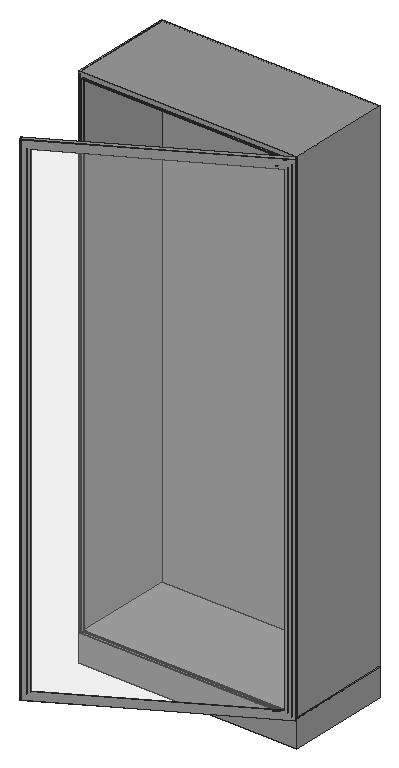
Revit family "Hager-Univers-IP55-D400-H1950-Cl.I-Steel_encl-NoHosted-CH-en", category Equipement électrique, Revit 2020
Family settings
  Configuration du panneau = Deux colonnes, circuits au sein
  Cote de connecteur circulaire = Utiliser le diamètre
  Type d'élément = Tableau de raccordement
  Basée sur le plan de construction = Oui
  Toujours verticalement = Oui
  Couper avec des vides une fois chargée = Non
  Partagée = Non
  Point de calcul de pièce = Non
Parameters (values of type "Floor installation IP55 W800 H1950 D400  - FR23V1")
  Width Control [instance] = if([EF000008 - Width] > Min Width, [EF000008 - Width], Min Width)  # 800 mm
  Commentaires du type = [HG000003 - Range]  # "Univers"
  Thickness Door [instance] = if([EF009171 - Material plate thickness door/cover] > 3 mm, 3 mm, [EF009171 - Material plate thickness door/cover])  # 1.5 mm
  Seal Frame Offset [instance] = 17 mm  # constant formula
  Plinth Visibility [instance] = [HG000027 - Plinth height] > 0 mm  # yes
  Min Width [instance] = 100 mm  # constant formula
  Min Depth [instance] = (2 * [EF009170 - Material plate thickness cabinet]) + 1 mm  # 4 mm
  Min Height [instance] = 100 mm  # constant formula
  Internal Frame Depth [instance] = (Door System Depth * 0.5)  # 9 mm
  Panel Name [instance] = ""  # (empty or 0)
  Model = ""
  HG000027 - Plinth height = 100 mm
  HG000026 - Floor standing = yes
  HG000024 - Bottom section height = 600 mm
  HG000023 - Double section enclosure = no
  HG000016 - Door 3d visibility [instance] = yes
  HG000015 - Clearance visibility [instance] = no
  HG000014 - Door on the right [instance] = yes
  HG000013 - Door on the left [instance] = not([HG000014 - Door on the right])  # no
  HG000012 - Door swing angle [instance] = 30.00°
  HG000010 - Asymmetric doors = no
  HG000009 - Double swing door = no
  HG000006 - Flush mounted = no
  HG000004 - Manufacturer reference = "FR23V1"
  HG000003 - Range = "Univers"
  HG000002 - With door or cover = yes
  Frame Offset Bottom [instance] = 10 mm  # constant formula
  Frame Offset [instance] = 15 mm  # constant formula
  EF015940 - Cover with overpressure release = no
  EF011959 - Degree of protection (NEMA) = ""
  EF009554 - Number of openings for flange plates = 6
  EF009212 - Cover model = "EV000116 - Closed"
  EF009171 - Material plate thickness door/cover = 1.5 mm
  EF009170 - Material plate thickness cabinet = 1.5 mm
  EF008873 - Nominal current (In) = 800 A
  EF007800 - Suitable for lightning protection = no
  EF006306 - With lock = no
  EF006244 - Transparent cover/door = yes
  EF005474 - Degree of protection (IP) = "EV006420 - IP55"
  EF004464 - Type of door = "EV002646 - Single"
  EF004427 - Number of modules = 432
  EF004293 - Impact strength = "EV008784 - IK10"
  EF003532 - Suitable for outdoor use = no
  EF002950 - Width in number of modular spacings = 24
  EF001613 - Circuit integrity = "EV000494 - None"
  EF001596 - Material housing = "EV000179 - Steel"
  EF001131 - Internal depth = 400 mm
  EF001088 - Extension possible = yes
  EF000437 - Number of conduit inlets = 6
  EF000339 - Type of cover = "EV004216 - Door"
  EF000266 - Number of rows = 12
  EF000218 - Built-in depth = 0 mm
  EF000118 - With mounting plate = no
  EF000116 - RAL-number = "7035"
  EF000049 - Depth = 400 mm
  EF000040 - Height = 1950 mm
  EF000008 - Width = 800 mm
  EF000007 - Colour = "EV000270 - Grey"
  EF000003 - Mounting method = "EV012274 - Floor installation"
  Door System Leaf Tolerance [instance] = 1.5 mm  # constant formula
  Door System Depth [instance] = 18 mm  # constant formula
  Door Height [instance] = Height Control - [HG000027 - Plinth height]  # 1850 mm
  Description = ""
  Default Elevation = 1219.2 mm
  Connector Offset [instance] = Height Control / 2  # 975 mm
  Fabricant = "Hager"  # constant formula
  Height Control [instance] = if([EF000040 - Height] > Min Height, [EF000040 - Height], Min Height)  # 1950 mm
  Depth Control [instance] = if([EF000049 - Depth] > Min Depth, [EF000049 - Depth], Min Depth)  # 400 mm
  Bottom Top Plate Trim [instance] = 1.5 mm  # constant formula
  Plinth height Ctrl [instance] = if([HG000027 - Plinth height] > 0 mm, [HG000027 - Plinth height], 12 mm)  # 100 mm
Types (11, lengths in mm): name | Width Control | HG000010 - Asymmetric doors | HG000009 - Double swing door | HG000004 - Manufacturer reference | EF009554 - Number of openings for flange plates | EF006244 - Transparent cover/door | EF004464 - Type of door | EF004427 - Number of modules | EF000437 - Number of conduit inlets | EF000008 - Width
  Floor installation IP55 W1050 H1950 D400  - FR24G1 | 1050 | yes | yes | "FR24G1" | 8 | no | "EV003602 - Double" | 576 | 8 | 1050
  Floor installation IP55 W1050 H1950 D400  - FR24V1 | 1050 | yes | yes | "FR24V1" | 8 | yes | "EV003602 - Double" | 576 | 8 | 1050
  Floor installation IP55 W1300 H1950 D400  - FR25G1 | 1300 | yes | yes | "FR25G1" | 10 | no | "EV003602 - Double" | 720 | 10 | 1300
  Floor installation IP55 W1300 H1950 D400  - FR25V1 | 1300 | yes | yes | "FR25V1" | 10 | yes | "EV003602 - Double" | 720 | 10 | 1300
  Floor installation IP55 W1550 H1950 D400  - FR26G1 | 1550 | yes | yes | "FR26G1" | 12 | no | "EV003602 - Double" | 864 | 12 | 1550
  Floor installation IP55 W1550 H1950 D400  - FR26V1 | 1550 | yes | yes | "FR26V1" | 12 | yes | "EV003602 - Double" | 864 | 12 | 1550
  Floor installation IP55 W300 H1950 D400  - FR21G1 | 300 | no | no | "FR21G1" | 2 | no | "EV002646 - Single" | 144 | 2 | 300
  Floor installation IP55 W550 H1950 D400  - FR22G1 | 550 | no | no | "FR22G1" | 4 | no | "EV002646 - Single" | 288 | 4 | 550
  Floor installation IP55 W550 H1950 D400  - FR22V1 | 550 | no | no | "FR22V1" | 4 | yes | "EV002646 - Single" | 288 | 4 | 550
  Floor installation IP55 W800 H1950 D400  - FR23G1 | 800 | no | no | "FR23G1" | 6 | no | "EV002646 - Single" | 432 | 6 | 800
  Floor installation IP55 W800 H1950 D400  - FR23V1 | 800 | no | no | "FR23V1" | 6 | yes | "EV002646 - Single" | 432 | 6 | 800
Reference planes
  plane 1 "Center (Front/Back)": y = 0
  plane 2: z = 0
  plane 3 "Center (Left/Right)": x = 0
  plane 4: y = 0
  plane 5: y = 0
  plane 6: z = 0
  plane 7: x = -400
  plane 8: x = 400
  plane 9: x = 398.5
  plane 10: x = -398.5
  plane 11: z = 100
  plane 12: z = 101.5
  plane 13: y = -400
  plane 14: y = -1.5
  plane 15: x = 0
  plane 16: y = -382
  plane 17: y = -398.5
  plane 18: y = -380.5
  plane 19: x = -383.5
  plane 20: x = 383.5
  plane 21: z = 111.5
  plane 22: x = -383
  plane 23: x = 383
  plane 24: z = 100
  plane 25: z = 1950
  plane 26: z = 1950
  plane 27: z = 1933.5
  plane 28: z = 1948.5
Forms (mm)
  Extrusion 1, solid, material "Hager_Steel_RAL7035_Light_Grey", detail levels medium+fine
    sketch origin (-208.679, -4572, 100) x (-1, 0, 0) y (0, -1, 0)
      loop
        line (191.321, -4190) -> (-608.679, -4190) -> (-608.679, -4572) -> (191.321, -4572) -> (191.321, -4190)
    from 0 to 1850
  Extrusion 2, void
    sketch origin (-350.771, -400, 1219.2) x (1, 0, 0) y (0, 0, 1)
      loop
        line (-47.729, 729.3) -> (-47.729, -1117.7) -> (749.271, -1117.7) -> (749.271, 729.3) -> (-47.729, 729.3)
    from -19.5 to -398.5
  Extrusion 3, void
    sketch origin (-290.084, -382, 1219.2) x (1, 0, 0) y (0, 0, 1)
      loop
        line (-93.416, -1107.7) -> (673.584, -1107.7) -> (673.584, 714.3) -> (-93.416, 714.3) -> (-93.416, -1107.7)
    from 0 to -1.5
  Extrusion 4, solid, material "Hager_Steel_RAL7035_Light_Grey", visible <- "Plinth Visibility", detail levels medium+fine
    sketch origin (0, 0, 0) x (1, 0, 0) y (0, 1, 0)
      loop
        line (-400, 0) -> (-400, -382) -> (400, -382) -> (400, 0) -> (-400, 0)
    from 0 to 100 <- "Plinth height Ctrl"
  Extrusion 5, solid, material "Hager_Steel_RAL7035_Light_Grey", detail levels coarse
    sketch origin (0, 0, 0) x (1, 0, 0) y (0, 1, 0)
      loop
        line (-400, 0) -> (-400, -400) -> (400, -400) -> (400, 0) -> (-400, 0)
    from 0 to 1950 <- "Height Control"
  Sweep 6, void
    path in 3D
      loop
        line (-400, -382, 100) -> (400, -382, 100) -> (400, 0, 100) -> (-400, 0, 100) -> (-400, -382, 100)
    profile origin (-400, -191, 100) x (1, 0, 0) y (0, 0, 1)
      loop
        line (0, 0) -> (0, -1.5) -> (1.5, -1.5)
        arc (1.5, -1.5) -> (1.061, -0.439) -> (0, 0) r 1.5
  Extrusion 7, solid, material "Hager_Steel_RAL7035_Light_Grey", detail levels fine
    sketch origin (-400, -382, 100) x (1, 0, 0) y (0, 0, 1)
      loop
        line (16.5, 11.5) -> (783.5, 11.5) -> (783.5, 1833.5) -> (16.5, 1833.5) -> (16.5, 11.5)
      loop
        line (15, 10) -> (785, 10) -> (785, 1835) -> (15, 1835) -> (15, 10)
    from 0 to 9 <- "Internal Frame Depth"
Cuts and joins
  Extrusion 2, Extrusion 3 cuts Extrusion 1
  Sweep 6 cuts Extrusion 4
Lines and regions (mm)
  Masking region 1
    outline origin (0, 0, 0) x (1, 0, 0) y (0, 1, 0)
      loop
        line (-400, 0) -> (-400, -400) -> (400, -400) -> (400, 0) -> (-400, 0)
  Masking region 2, detail levels coarse
    outline origin (-290.084, -382, 1219.2) x (-1, 0, 0) y (0, 0, 1)
      loop
        line (-690.084, -1219.2) -> (109.916, -1219.2) -> (109.916, 730.8) -> (-690.084, 730.8) -> (-690.084, -1219.2)
  Masking region 3, detail levels coarse
    outline origin (0, 0, 0) x (0, 1, 0) y (0, 0, 1)
      loop
        line (0, 0) -> (0, 1950) -> (-400, 1950) -> (-400, 0) -> (0, 0)
  Masking region 4, visible <- "Plinth Visibility", detail levels medium+fine
    outline origin (0, 0, 0) x (0, 1, 0) y (0, 0, 1)
      loop
        line (-1.5, 100) -> (-380.5, 100)
        arc (-380.5, 100) -> (-380.939, 98.939) -> (-382, 98.5) r 1.5
        line (-382, 98.5) -> (-382, 0) -> (0, 0) -> (0, 98.5)
        arc (0, 98.5) -> (-1.061, 98.939) -> (-1.5, 100) r 1.5
  Masking region 5, detail levels medium+fine
    outline origin (0, 0, 594.038) x (0, 1, 0) y (0, 0, 1)
      loop
        line (0, -494.038) -> (0, 1355.962) -> (-382, 1355.962) -> (-382, -494.038) -> (0, -494.038)
  Masking region 6, detail levels medium+fine
    outline origin (-359.7, -382, 1211.883) x (-1, 0, 0) y (0, 0, 1)
      loop
        line (-759.7, -1111.883) -> (40.3, -1111.883) -> (40.3, 738.117) -> (-759.7, 738.117) -> (-759.7, -1111.883)
  Masking region 7, visible <- "Plinth Visibility", detail levels medium+fine
    outline origin (-320.334, -382, 1041.368) x (-1, 0, 0) y (0, 0, 1)
      loop
        line (-720.334, -1041.368) -> (79.666, -1041.368) -> (79.666, -942.868)
        arc (79.666, -942.868) -> (78.606, -942.429) -> (78.166, -941.368) r 1.5
        line (78.166, -941.368) -> (-718.834, -941.368)
        arc (-718.834, -941.368) -> (-719.273, -942.429) -> (-720.334, -942.868) r 1.5
        line (-720.334, -942.868) -> (-720.334, -1041.368)
  sketch lines
    curve 1: line (-400, 0, 100) -> (-400, -382, 100)
    curve 2: line (-400, -382, 100) -> (400, -382, 100)
    curve 3: line (400, 0, 100) -> (-400, 0, 100)
    curve 4: line (400, -382, 100) -> (400, 0, 100)
Dimensions and locks
  locked: plane 1 "Center (Front/Back)" to plane 5
  "EF009170 - Material plate thickness cabinet": plane 7 to plane 10
  "EF009170 - Material plate thickness cabinet": plane 8 to plane 9
  equal spacing: plane 7, plane 3 "Center (Left/Right)", plane 8
  "Width Control": plane 7 to plane 8
  "Depth Control": plane 4 to plane 13
  "EF009170 - Material plate thickness cabinet": plane 4 to plane 14
  "Height Control": plane 25 to level
  "HG000027 - Plinth height": plane 11 to level
  "EF009170 - Material plate thickness cabinet": plane 12 to plane 11
  "EF009170 - Material plate thickness cabinet": plane 17 to plane 13
  "EF009170 - Material plate thickness cabinet": plane 18 to plane 16
  "Frame Offset Bottom": plane 21 to plane 12
  "Frame Offset": plane 10 to plane 19
  "Frame Offset": plane 9 to plane 20
  "Door System Depth": plane 16 to plane 13
  "Seal Frame Offset": plane 7 to plane 22
  "Seal Frame Offset": plane 8 to plane 23
  "EF009170 - Material plate thickness cabinet": plane 26 to plane 28
  "Frame Offset": plane 28 to plane 27
  "Connector Offset": plane 2 to connector elem
  "Bottom Top Plate Trim": profile plane to Sweep 6 sketch curve
  "Bottom Top Plate Trim": Sweep 6 sketch curve to Sweep 6 sketch curve
  "Plinth height Ctrl": Masking region 4 sketch curve to level
  "Plinth height Ctrl": Masking region 7 sketch curve to level
  "Thickness Door": Extrusion 7 sketch curve to Extrusion 7 sketch curve  (x4)
  "Bottom Top Plate Trim": radius of Sweep 6 sketch curve
  "Bottom Top Plate Trim": radius of Masking region 4 sketch curve  (x2)
  "Bottom Top Plate Trim": radius of Masking region 7 sketch curve  (x2)
  aligned and locked: Extrusion 2 sketch curve to plane 12
  aligned and locked: Extrusion 2 sketch curve to plane 9
  aligned and locked: Extrusion 2 sketch curve to plane 10
  aligned and locked: Extrusion 2 to plane 14
  aligned and locked: Extrusion 1 sketch curve to plane 4
  aligned and locked: plane 8 to Extrusion 1 sketch curve
  aligned and locked: plane 7 to Extrusion 1 sketch curve
  aligned and locked: Extrusion 2 to plane 18
  aligned and locked: Extrusion 3 sketch curve to plane 19
  aligned and locked: plane 20 to Extrusion 3 sketch curve
  aligned and locked: Extrusion 3 to Extrusion 2
  aligned and locked: Extrusion 3 sketch curve to plane 21
  aligned and locked: plane 3 "Center (Left/Right)" to nested 1
  aligned and locked: Extrusion 1 sketch curve to plane 16
  aligned and locked: Extrusion 4 sketch curve to cut or joined group of Extrusion 1, Extrusion 2, Extrusion 3
  aligned and locked: Masking region 1 sketch curve to plane 7
  aligned and locked: Masking region 1 sketch curve to plane 5
  aligned and locked: Masking region 1 sketch curve to plane 8
  aligned and locked: Masking region 2 sketch curve to level
  aligned and locked: level to Masking region 3 sketch curve
  aligned and locked: plane 1 "Center (Front/Back)" to Masking region 3 sketch curve
  aligned and locked: plane 13 to Masking region 3 sketch curve
  aligned and locked: plane 5 to Masking region 4 sketch curve
  aligned and locked: Masking region 2 sketch curve to plane 8
  aligned and locked: Masking region 2 sketch curve to plane 7
  aligned and locked: plane 7 to nested 2
  aligned and locked: nested 2 to plane 5
  aligned and locked: plane 5 to Masking region 5 sketch curve
  aligned and locked: plane 26 to Masking region 5 sketch curve
  aligned and locked: Extrusion 5 sketch curve to plane 8
  aligned and locked: Extrusion 5 sketch curve to plane 7
  aligned and locked: Extrusion 5 sketch curve to plane 5
  aligned and locked: Extrusion 3 sketch curve to plane 27
  aligned and locked: Extrusion 2 sketch curve to plane 28
  aligned and locked: Masking region 2 to plane 25
  aligned and locked: Extrusion 4 to plane 16
  aligned and locked: profile plane to Sweep 6 sketch curve
  aligned and locked: Masking region 5 sketch curve to plane 24
  aligned and locked: level to Masking region 4 sketch curve
  aligned and locked: Masking region 1 to plane 13
  aligned and locked: nested 1 to plane 16
  aligned and locked: Masking region 3 to plane 25
  aligned and locked: plane 16 to Masking region 4 sketch curve
  aligned and locked: Masking region 5 sketch curve to plane 16
  aligned and locked: plane 24 to plane 11
  aligned and locked: plane 26 to plane 25
  aligned and locked: plane 26 to cut or joined group of Extrusion 1, Extrusion 2, Extrusion 3
  aligned and locked: nested 1 to plane 24
  aligned and locked: Extrusion 1 to Extrusion 3
  aligned and locked: Masking region 6 sketch curve to plane 8
  aligned and locked: Masking region 6 sketch curve to plane 24
  aligned and locked: Masking region 6 sketch curve to plane 7
  aligned and locked: Masking region 6 sketch curve to plane 26
  aligned and locked: Masking region 7 sketch curve to plane 7
  aligned and locked: level to Masking region 7 sketch curve
  aligned and locked: Masking region 7 sketch curve to plane 8
  aligned and locked: Extrusion 7 sketch curve to cut or joined group of Extrusion 1, Extrusion 2, Extrusion 3  (x4)
Automatic sketch dimensions
  plane 19 to Extrusion 3 sketch curve = 0 mm
  Extrusion 3 sketch curve to plane 20 = 0 mm
  Extrusion 3 sketch curve to plane 21 = 0 mm
  Extrusion 4 sketch curve to plane 7 = 0 mm
  Extrusion 4 sketch curve to plane 8 = 0 mm
  Extrusion 4 sketch curve to plane 16 = 0 mm
  Masking region 1 sketch curve to plane 13 = 0 mm
  Masking region 2 sketch curve to plane 25 = 0 mm
  Masking region 3 sketch curve to plane 25 = 0 mm
  Extrusion 5 sketch curve to plane 13 = 0 mm
  profile plane to Sweep 6 sketch curve = 0 mm
Nested families
  nested 1: "EC000058_Univers_Door" at (0, -382, 100), Double <- "HG000009 - Double swing door", Transparent <- "EF006244 - Transparent cover/door", Angle <- "HG000012 - Door swing angle", Door_Right <- "HG000014 - Door on the right", Assymetrical <- "HG000010 - Asymmetric doors", Door <- "HG000002 - With door or cover", Width_Ctrl <- "Width Control", 3d_Door <- "HG000016 - Door 3d visibility", Clearance <- "HG000015 - Clearance visibility", Door_Left <- "HG000013 - Door on the left", Width <- "Width Control", Door_Depth <- "Door System Depth", Leaf_Tolerance <- "Door System Leaf Tolerance", Height <- "Door Height", Lock_Visibility <- "EF006306 - With lock", Thickness <- "Thickness Door", type "EC000058_Univers_Door", detail levels medium+fine
    with min_wh 4 mm, Width_Ctrl 800 mm, Width 800 mm, Transparent yes, Thickness 1.5 mm, Seal_Material Hager_Rubber, Lock_Visibility no, Lock_Material Hager_Plastic_RAL9005_Jet_Black, Leaf_Width 800 mm, Leaf_Tolerance_External_Sides 0 mm, Leaf_Tolerance 1.5 mm, Leaf_Offset 0 mm, Leaf_Height 1847 mm, Leaf_2_Width 800 mm, Leaf_2_Offset 400 mm, Leaf_1_Width 800 mm, Leaf_1_Offset 400 mm, Height_Ctrl 1850 mm, Height 1850 mm, Glass_Material Hager_Glass, Double_Clearance_Ctrl no, Double no, Door_Right_Ctrl yes, Door_Right yes, Door_Material Hager_Steel_RAL7035_Light_Grey, Door_Left_Ctrl no, Door_Left no, Door_Depth 18 mm, Door yes, Clearance_Material Hager_Clearance, Clearance_Depth 800 mm, Clearance_Ctrl no, Clearance no, Assymetrical no, Angle 30.00°, 3d_Door yes
  nested 2: "Hager_Enclosure_Symbol" at (-400, 0, 0), Height <- "Depth Control", Width <- "Width Control", type "Hager_Enclosure_Symbol"
    with Width_Ctrl 800 mm, Width 800 mm, Height_Ctrl 400 mm, Height 400 mm, A_Width_Int 26.25 mm, A_Width 315 mm, A_Height_Ctrl 350 mm, A_Height 350 mm
Connectors
  electrical at (0, 0, 975)
    settings: on plane 1 "Center (Front/Back)", index 1, voltage 0 V, apparent load 0 VA, apparent load phase1 0 VA, apparent load phase2 0 VA, apparent load phase3 0 VA, power factor 1, load classification "Other", number of poles 1, system type 30, power factor state 1, is connector primary yes, connector utility no, sub classification motor no, connector description ""
Definition of nested family "EC000058_Univers_Door"
  Parameters (values of type "EC000058_Univers_Door")
    min_wh [instance] = (2 * Thickness) + 1 mm  # 11 mm
    Width_Ctrl [instance] = 400 mm
    Width [instance] = 500 mm
    Transparent [instance] = yes
    Thickness [instance] = 5 mm
    Seal_Material [instance] = none
    Lock_Visibility [instance] = yes
    Lock_Material [instance] = none
    Leaf_Width [instance] = if((Width_Ctrl - 2 * Leaf_Tolerance_External_Sides) > 0 mm, (Width_Ctrl - 2 * Leaf_Tolerance_External_Sides), min_wh)  # 400 mm
    Leaf_Tolerance_External_Sides [instance] = 0 mm  # constant formula
    Leaf_Tolerance [instance] = 1.5 mm
    Leaf_Offset [instance] = 0 mm  # constant formula
    Leaf_Height [instance] = if((Height_Ctrl - 2 * Leaf_Tolerance) > 0 mm, (Height_Ctrl - 2 * Leaf_Tolerance), min_wh)  # 497 mm
    Leaf_2_Width [instance] = if(and(and(Double, Assymetrical), Door_Left), (Leaf_Width / 3) - (Leaf_Tolerance / 2), if(and(and(Double, Assymetrical), Door_Right), (Leaf_Width / 3) * 2 - (Leaf_Tolerance / 2), if(and(Double, not(Assymetrical)), (Leaf_Width / 2) - Leaf_Tolerance, Leaf_Width)))  # 400 mm
    Leaf_2_Offset [instance] = if(and(Double, Assymetrical), Leaf_2_Width / 2, if(and(Double, not(Assymetrical)), Leaf_Width / 4, Leaf_Width / 2))  # 200 mm
    Leaf_1_Width [instance] = if(and(and(Double, Assymetrical), Door_Right), (Leaf_Width / 3) - (Leaf_Tolerance / 2), if(and(and(Double, Assymetrical), Door_Left), (Width / 3) * 2 - (Leaf_Tolerance / 2), if(and(Double, not(Assymetrical)), (Leaf_Width / 2) - Leaf_Tolerance, Leaf_Width)))  # 400 mm
    Leaf_1_Offset [instance] = if(and(Double, Assymetrical), Leaf_1_Width / 2, if(and(Double, not(Assymetrical)), Leaf_Width / 4, Leaf_Width / 2))  # 200 mm
    Height_Ctrl [instance] = if(Height > min_wh, Height, min_wh)  # 500 mm
    Height [instance] = 500 mm
    Glass_Material [instance] = none
    Double_Clearance_Ctrl [instance] = and(Double, Clearance)  # no
    Double [instance] = no
    Door_Right_Ctrl [instance] = and(or(Door_Right, Double), Door)  # yes
    Door_Right [instance] = yes
    Door_Material [instance] = none
    Door_Left_Ctrl [instance] = and(or(Door_Left, Double), Door)  # no
    Door_Left [instance] = no
    Door_Depth [instance] = 30 mm
    Door [instance] = yes
    Default Elevation = 1219.2 mm
    Clearance_Material [instance] = none
    Clearance_Depth [instance] = if(Leaf_1_Width > Leaf_2_Width, Leaf_1_Width, Leaf_2_Width)  # 400 mm
    Clearance_Ctrl [instance] = and(not(Double), Clearance)  # yes
    Clearance [instance] = yes
    Assymetrical [instance] = yes
    Angle [instance] = 30.00°
    3d_Door [instance] = yes
  Reference planes
    plane 1 "Center (Front/Back)": y = 0
    plane 2 "Bottom": z = 0
    plane 3 "Center (Left/Right)": x = 0
    plane 4: z = 500
    plane 5: x = -200
    plane 6: x = 200
    plane 7: z = 500
    plane 8: x = -200
    plane 9: z = 0
    plane 10: x = 200
    plane 11: y = 0
    plane 12: z = 1.5
    plane 13: x = -600
    plane 14: y = -400
    plane 15: x = 600
    plane 16: x = 0
    plane 17: x = 0
    plane 18: x = -200
    plane 19: x = 200
    plane 20: z = 498.5
  Forms (mm)
    Extrusion 1, solid, material <- "Clearance_Material", visible <- "Double_Clearance_Ctrl"
      sketch origin (1200, 0, 0) x (1, 0, 0) y (0, 0, -1)
        loop
          line (-1800, -498.5) -> (-600, -498.5) -> (-600, 0) -> (-1800, 0) -> (-1800, -498.5)
      from 0 to -400
  Dimensions and locks
    equal spacing: plane 5, plane 3 "Center (Left/Right)", plane 6
    "Width_Ctrl": plane 5 to plane 6
    "Leaf_Offset": plane 5 to plane 8
    "Leaf_Offset": plane 6 to plane 10
    "Leaf_Offset": plane 9 to level
    "Leaf_Offset": plane 4 to plane 7
    "Height_Ctrl": plane 4 to level
    "Leaf_Tolerance": plane 12 to plane 9
    locked: plane 11 to plane 1 "Center (Front/Back)"
    "Leaf_1_Offset": plane 18 to plane 16
    "Leaf_2_Offset": plane 17 to plane 19
    "Leaf_1_Width": plane 13 to plane 8
    "Leaf_2_Width": plane 10 to plane 15
    "Clearance_Depth": plane 14 to plane 1 "Center (Front/Back)"
    "Leaf_Tolerance_External_Sides": plane 8 to plane 18
    "Leaf_Tolerance_External_Sides": plane 19 to plane 10
    "Leaf_Tolerance": plane 7 to plane 20
    aligned and locked: level to plane 2 "Bottom"
    aligned and locked: nested 1 to plane 16
    aligned and locked: nested 2 to plane 17
    aligned and locked: Extrusion 1 to plane 13
    aligned and locked: plane 15 to Extrusion 1
    aligned and locked: Extrusion 1 to plane 14
    aligned and locked: plane 12 to nested 1
    aligned and locked: nested 2 to plane 12
    aligned and locked: Extrusion 1 to plane 11
    aligned and locked: plane 20 to Extrusion 1
    aligned and locked: nested 2 to plane 11
    aligned and locked: nested 1 to plane 11
  Automatic sketch dimensions
    Extrusion 1 sketch curve to level = 0 mm
    plane 5 to Extrusion 1 sketch curve = 400 mm
    plane 6 to Extrusion 1 sketch curve = 400 mm
    Extrusion 1 sketch curve to plane 4 = 1.5 mm
  Nested families
    nested 1: "EC000058_Univers_Door_Leaf" at (0, 0, 1.5), Width <- "Leaf_1_Width", visible <- "Door_Left_Ctrl", Leaf_Height <- "Leaf_Height", Angle <- "Angle", 3d_Door <- "3d_Door", Transparent <- "Transparent", Clearance Material <- "Clearance_Material", Clearance <- "Clearance_Ctrl", Door_Material <- "Door_Material", Glass_Material <- "Glass_Material", Door_Depth <- "Door_Depth", Lock_Material <- "Lock_Material", Seal_Material <- "Seal_Material", Lock_Visibility <- "Lock_Visibility", Thickness <- "Thickness", type "EC000058_Univers_Door_Leaf"
      with Width 400 mm, Transparent_Glass_Offset 30 mm, Transparent_Ctrl yes, Transparent yes, Thickness 5 mm, Standard no, Seal_Material none, Seal_D2 8 mm, Seal_D1 1 mm, Offset_Internal_Frame 10 mm, Lock_Width 20 mm, Lock_Visibility_3d yes, Lock_Visibility yes, Lock_Thickness_3 3 mm, Lock_Thickness_2 1 mm, Lock_Thickness_1 3 mm, Lock_Radius_Offset_2 16 mm, Lock_Radius_Offset_1 15 mm, Lock_Radius_2 5 mm, Lock_Radius 6 mm, Lock_Offset 5 mm, Lock_Material none, Lock_Height 80 mm, Lock_Cover_Top_Offset_2d 17 mm, Lock_Cover_Height -65 mm, Leaf_Height 497 mm, Internal_Seal_Thickness 8 mm, Internal_Seal_Depth_2 4.5 mm, Internal_Frame_Depth 25 mm, Glass_Thickness -1 mm, Glass_Offset -2 mm, Glass_Material none, Door_Material none, Door_Depth 30 mm, Clearance Material none, Clearance yes, Angle_Ctrl 30.00°, Angle 30.00°, 3d_Door yes
    nested 2: "EC000058_Univers_Door_Leaf" at (0, 0, 1.5) x (-1, 0, 0) z (0, 0, 1), Width <- "Leaf_2_Width", visible <- "Door_Right_Ctrl", Leaf_Height <- "Leaf_Height", Angle <- "Angle", 3d_Door <- "3d_Door", Transparent <- "Transparent", Clearance Material <- "Clearance_Material", Clearance <- "Clearance_Ctrl", Door_Material <- "Door_Material", Glass_Material <- "Glass_Material", Door_Depth <- "Door_Depth", Lock_Material <- "Lock_Material", Seal_Material <- "Seal_Material", Lock_Visibility <- "Lock_Visibility", Thickness <- "Thickness", type "EC000058_Univers_Door_Leaf"
      with Width 400 mm, Transparent_Glass_Offset 30 mm, Transparent_Ctrl yes, Transparent yes, Thickness 5 mm, Standard no, Seal_Material none, Seal_D2 8 mm, Seal_D1 1 mm, Offset_Internal_Frame 10 mm, Lock_Width 20 mm, Lock_Visibility_3d yes, Lock_Visibility yes, Lock_Thickness_3 3 mm, Lock_Thickness_2 1 mm, Lock_Thickness_1 3 mm, Lock_Radius_Offset_2 16 mm, Lock_Radius_Offset_1 15 mm, Lock_Radius_2 5 mm, Lock_Radius 6 mm, Lock_Offset 5 mm, Lock_Material none, Lock_Height 80 mm, Lock_Cover_Top_Offset_2d 17 mm, Lock_Cover_Height -65 mm, Leaf_Height 497 mm, Internal_Seal_Thickness 8 mm, Internal_Seal_Depth_2 4.5 mm, Internal_Frame_Depth 25 mm, Glass_Thickness -1 mm, Glass_Offset -2 mm, Glass_Material none, Door_Material none, Door_Depth 30 mm, Clearance Material none, Clearance yes, Angle_Ctrl 30.00°, Angle 30.00°, 3d_Door yes
  Definition of nested family "EC000058_Univers_Door_Leaf"
    Parameters (values of type "EC000058_Univers_Door_Leaf")
      Width [instance] = 2000 mm
      Transparent_Glass_Offset [instance] = 30 mm
      Transparent_Ctrl [instance] = and(Transparent, [3d_Door])  # yes
      Transparent [instance] = yes
      Thickness [instance] = 5 mm
      Standard [instance] = and(not(Transparent), [3d_Door])  # no
      Seal_Material [instance] = none
      Seal_D2 [instance] = 8 mm  # constant formula
      Seal_D1 [instance] = 1 mm  # constant formula
      Offset_Internal_Frame [instance] = 10 mm  # constant formula
      Lock_Width [instance] = 20 mm  # constant formula
      Lock_Visibility_3d [instance] = and(Lock_Visibility, [3d_Door])  # yes
      Lock_Visibility [instance] = yes
      Lock_Thickness_3 [instance] = 3 mm  # constant formula
      Lock_Thickness_2 [instance] = 1 mm  # constant formula
      Lock_Thickness_1 [instance] = 3 mm  # constant formula
      Lock_Radius_Offset_2 [instance] = Lock_Radius_Offset_1 + 1 mm  # 16 mm
      Lock_Radius_Offset_1 [instance] = 15 mm  # constant formula
      Lock_Radius_2 [instance] = Lock_Radius - 1 mm  # 5 mm
      Lock_Radius [instance] = 6 mm  # constant formula
      Lock_Offset [instance] = 5 mm  # constant formula
      Lock_Material [instance] = none
      Lock_Height [instance] = 80 mm  # constant formula
      Lock_Cover_Top_Offset_2d [instance] = Lock_Radius_Offset_2 + 1 mm  # 17 mm
      Lock_Cover_Height [instance] = -(Lock_Height - Lock_Radius_Offset_1)  # -65 mm
      Leaf_Height [instance] = 2720.336 mm
      Internal_Seal_Thickness [instance] = 8 mm  # constant formula
      Internal_Seal_Depth_2 [instance] = 4.5 mm  # constant formula
      Internal_Frame_Depth [instance] = if(Door_Depth - Thickness > 5 mm, Door_Depth - Thickness, 5 mm)  # 25 mm
      Glass_Thickness [instance] = if(Thickness > 15 mm, Glass_Offset + 10 mm, -1 mm)  # -1 mm
      Glass_Offset [instance] = if(Thickness > 15 mm, -(Thickness + 10 mm) / 2, -2 mm)  # -2 mm
      Glass_Material [instance] = none
      Door_Material [instance] = none
      Door_Depth [instance] = 30 mm
      Default Elevation = 0 mm
      Clearance Material [instance] = none
      Clearance [instance] = yes
      Angle_Ctrl [instance] = if(Angle > 180.00°, 180.00°, Angle)  # 90.00°
      Angle [instance] = 90.00°
      3d_Door [instance] = yes
    Reference planes
      plane 1 "Center (Front/Back)": y = 0
      plane 2: z = 0
      plane 3 "Center (Left/Right)": x = 0
      plane 4: y = 2000
      plane 5: x = -1000
      plane 6: x = 1000
      plane 7: x = -3000
      plane 8: z = 2720.336
      plane 9: z = 30
      plane 10: z = 2690.336
      plane 11: x = 970
      plane 12: x = -970
      plane 13: y = -3
      plane 14: z = 107.833
      plane 15: y = -5
      plane 16: y = -223.314
      plane 17: x = -1000
      plane 18: z = 1360.168
      plane 19: y = 30
    Forms (mm)
      Extrusion 1, solid, material <- "Clearance Material", visible <- "Clearance"
        sketch origin (0, 0, 0) x (1, 0, 0) y (0, 0, 1)
          loop
            line (-3000, 2720.336) -> (-3000, 0) -> (1000, 0) -> (1000, 2720.336) -> (-3000, 2720.336)
        from 0 to -2000
      Extrusion 2, solid, material <- "Door_Material", visible <- "Standard", detail levels medium+fine
        sketch origin (-1000, 0, 0) x (0, 1, 0) y (-1, 0, 0)
          loop
            line (0, 30) -> (0, 25) -> (2000, 25) -> (2000, 30) -> (0, 30)
        from 0 to 2720.336 <- "Leaf_Height"
      Extrusion 3, solid, material <- "Door_Material", visible <- "Transparent_Ctrl", detail levels medium+fine
        sketch origin (-1000, 0, 0) x (0, 1, 0) y (-1, 0, 0)
          loop
            line (0, 25) -> (2000, 25) -> (2000, 30) -> (0, 30) -> (0, 25)
        from 0 to 2720.336 <- "Leaf_Height"
      Extrusion 4, void
        sketch origin (-1025, 2000, 0) x (0, 1, 0) y (0, 0, -1)
          loop
            line (-30, -2690.336) -> (-30, -30) -> (-1970, -30) -> (-1970, -2690.336) -> (-30, -2690.336)
        from 0 to 5 <- "Thickness"
      Sweep 5, solid, material <- "Seal_Material", visible <- "Transparent_Ctrl", detail levels fine
        path in 3D
          loop
            line (-1025, 30, 30) -> (-1025, 30, 2690.336) -> (-1025, 1970, 2690.336) -> (-1025, 1970, 30) -> (-1025, 30, 30)
        profile origin (-1025, 1000, 30) x (1, 0, 0) y (0, 0, 1)
          loop
            line (0, 0) -> (0, -8) -> (1, -8) -> (1, 0) -> (0, 0)
      Extrusion 6, solid, material <- "Glass_Material", visible <- "Transparent_Ctrl", detail levels medium+fine
        sketch origin (-1030, 0, 0) x (0, 1, 0) y (0, 0, -1)
          loop
            line (1970, -2690.336) -> (1970, -30) -> (30, -30) -> (30, -2690.336) -> (1970, -2690.336)
        from -2 <- "Glass_Offset" to -1 <- "Glass_Thickness"
      Extrusion 7, solid, material <- "Door_Material", visible <- "3d_Door", detail levels medium+fine
        sketch origin (-1025, 2000, 0) x (0, -1, 0) y (0, 0, -1)
          loop
            line (0, -2720.336) -> (2000, -2720.336) -> (2000, 0) -> (0, 0) -> (0, -2720.336)
          loop
            line (1995, -5) -> (5, -5) -> (5, -2715.336) -> (1995, -2715.336) -> (1995, -5)
        from 0 to 25 <- "Internal_Frame_Depth"
      Sweep 8, solid, material <- "Seal_Material", visible <- "Transparent_Ctrl", detail levels fine
        path in 3D
          loop
            line (-1025, 0, 0) -> (-1025, 2000, 0) -> (-1025, 2000, 2720.336) -> (-1025, 0, 2720.336) -> (-1025, 0, 0)
        profile origin (-1025, 0, 1360.168) x (1, 0, 0) y (0, 1, 0)
          loop
            line (0, 10) -> (2.975, 10)
            arc (2.975, 10) -> (4.053, 10.447) -> (4.5, 11.525) r 1.525
            line (4.5, 11.525) -> (4.5, 16.527)
            arc (4.5, 16.527) -> (4.069, 17.569) -> (3.027, 18) r 1.473
            line (3.027, 18) -> (0, 18) -> (0, 10)
      Extrusion 9, solid, material <- "Lock_Material", visible <- "Lock_Visibility_3d", detail levels fine
        sketch origin (-1030, 0, 0) x (0, 1, 0) y (0, 0, -1)
          loop
            arc (1993.5, -1400.168) -> (1994.561, -1399.729) -> (1995, -1398.668) r 1.5
            line (1995, -1398.668) -> (1995, -1320.168) -> (1975, -1320.168) -> (1975, -1398.668)
            arc (1975, -1398.668) -> (1975.439, -1399.729) -> (1976.5, -1400.168) r 1.5
            line (1976.5, -1400.168) -> (1993.5, -1400.168)
        from 3 <- "Lock_Thickness_1" to 0
      Blend 10, solid, material <- "Lock_Material", visible <- "Lock_Visibility_3d", detail levels fine
        base sketch origin (-1033, 0, 0) x (0, 1, 0) y (0, 0, -1)
          loop
            line (1975, -1320.168) -> (1975, -1398.668)
            arc (1975, -1398.668) -> (1975.439, -1399.729) -> (1976.5, -1400.168) r 1.5
            line (1976.5, -1400.168) -> (1993.5, -1400.168)
            arc (1993.5, -1400.168) -> (1994.561, -1399.729) -> (1995, -1398.668) r 1.5
            line (1995, -1398.668) -> (1995, -1320.168) -> (1975, -1320.168)
        top sketch origin (-1033, 0, 0) x (0, 1, 0) y (0, 0, -1)
          loop
            line (1976, -1320.168) -> (1976, -1398.668)
            arc (1976, -1398.668) -> (1976.146, -1399.022) -> (1976.5, -1399.168) r 0.5
            line (1976.5, -1399.168) -> (1993.5, -1399.168)
            arc (1993.5, -1399.168) -> (1993.854, -1399.022) -> (1994, -1398.668) r 0.5
            line (1994, -1398.668) -> (1994, -1320.168) -> (1976, -1320.168)
        from 0 to 1 <- "Lock_Thickness_2"
      Blend 11, solid, material <- "Lock_Material", visible <- "Lock_Visibility_3d", detail levels fine
        base sketch origin (-1034, 0, 0) x (0, 1, 0) y (0, 0, -1)
          loop
            line (1978, -1320.168) -> (1978, -1384.168)
            arc (1978, -1384.168) -> (1985, -1391.168) -> (1992, -1384.168) r 7
            line (1992, -1384.168) -> (1992, -1320.168) -> (1978, -1320.168)
        top sketch origin (-1034, 0, 0) x (0, 1, 0) y (0, 0, -1)
          loop
            line (1991, -1320.168) -> (1979, -1320.168) -> (1979, -1383.168)
            arc (1979, -1383.168) -> (1985, -1389.168) -> (1991, -1383.168) r 6
            line (1991, -1383.168) -> (1991, -1320.168)
        from 0 to 3 <- "Lock_Thickness_3"
      Extrusion 12, solid, material <- "Lock_Material", visible <- "Lock_Visibility_3d", detail levels fine
        sketch origin (-1030, 1975, 1320.168) x (1, 0, 0) y (0, -1, 0)
          loop
            line (-7, -19) -> (-7, -1) -> (0, -1) -> (0, 0) -> (-8, 0) -> (-8, -20) -> (0, -20) -> (0, -19) -> (-7, -19)
        from 0 to -65 <- "Lock_Cover_Height"
      Extrusion 13, void
        sketch origin (-1038, 1995, 1320.168) x (-1, 0, 0) y (0, 0, -1)
          loop
            line (-5, -65) -> (0, -65) -> (-5, -60) -> (-5, -65)
        from 0 to 20 <- "Lock_Width"
      Extrusion 14, void
        sketch origin (-1038, 1975, 1320.168) x (0, -1, 0) y (0, 0, -1)
          loop
            circle (-10, -15.995) r 6
          loop
            circle (-10, -15.995) r 5
        from 0 to 2
      Extrusion 15, solid, material <- "Lock_Material", visible <- "Lock_Visibility_3d", detail levels medium
        sketch origin (-1030, 0, 0) x (0, 1, 0) y (0, 0, -1)
          loop
            arc (1993.5, -1400.168) -> (1994.561, -1399.729) -> (1995, -1398.668) r 1.5
            line (1995, -1398.668) -> (1995, -1320.168) -> (1975, -1320.168) -> (1975, -1398.668)
            arc (1975, -1398.668) -> (1975.439, -1399.729) -> (1976.5, -1400.168) r 1.5
            line (1976.5, -1400.168) -> (1993.5, -1400.168)
        from 8 to 0
    Cuts and joins
      Extrusion 4 cuts Extrusion 3
      Extrusion 13, Extrusion 14 cuts Extrusion 9
      Extrusion 14 cuts Blend 11
      Extrusion 13, Extrusion 14 cuts Extrusion 12
      joined: Extrusion 9, Blend 10, Blend 11, Extrusion 12
      Extrusion 14 cuts Extrusion 15
    Lines and regions (mm)
      Masking region 1, visible <- "Lock_Visibility", detail levels fine
        outline origin (0, 0, 0) x (0, 1, 0) y (0, 0, 1)
          loop
            line (30, 1320.168) -> (33, 1320.168) -> (33, 1400.168) -> (30, 1400.168) -> (30, 1320.168)
      Masking region 2, visible <- "Lock_Visibility", detail levels fine
        outline origin (0, 3.143, 0) x (0, 1, 0) y (0, 0, 1)
          loop
            line (29.857, 1354.168) -> (30.857, 1354.168) -> (30.857, 1366.168) -> (29.857, 1366.168) -> (29.857, 1354.168)
      Masking region 3, detail levels medium+fine
        outline origin (0, 0, 0) x (0, 1, 0) y (0, 0, 1)
          loop
            line (0, 0) -> (30, 0) -> (30, 2720.336) -> (0, 2720.336) -> (0, 0)
      Masking region 4, detail levels medium+fine
        outline origin (0, 0, 0) x (1, 0, 0) y (0, 0, 1)
          loop
            line (-1000, 2720.336) -> (-1000, 0) -> (1000, 0) -> (1000, 2720.336) -> (-1000, 2720.336)
      Masking region 5, visible <- "Lock_Visibility", detail levels fine
        outline origin (-47.116, 0, 0) x (1, 0, 0) y (0, 0, 1)
          loop
            arc (1024.616, 1399.168) -> (1023.556, 1398.729) -> (1023.116, 1397.668) r 1.5
            line (1023.116, 1397.668) -> (1023.116, 1320.168) -> (1041.116, 1320.168) -> (1041.116, 1397.668)
            arc (1041.116, 1397.668) -> (1040.677, 1398.729) -> (1039.616, 1399.168) r 1.5
            line (1039.616, 1399.168) -> (1024.616, 1399.168)
      Masking region 6, visible <- "Lock_Visibility", detail levels medium+fine
        outline origin (-25, 0, 0) x (1, 0, 0) y (0, 0, 1)
          loop
            arc (1001.5, 1400.168) -> (1000.439, 1399.729) -> (1000, 1398.668) r 1.5
            line (1000, 1398.668) -> (1000, 1320.168) -> (1020, 1320.168) -> (1020, 1398.668)
            arc (1020, 1398.668) -> (1019.561, 1399.729) -> (1018.5, 1400.168) r 1.5
            line (1018.5, 1400.168) -> (1001.5, 1400.168)
      Masking region 7, visible <- "Lock_Visibility", detail levels fine
        outline origin (-73.735, 0, 0) x (1, 0, 0) y (0, 0, 1)
          loop
            line (1051.735, 1382.168) -> (1065.735, 1382.168) -> (1065.735, 1384.168)
            arc (1065.735, 1384.168) -> (1058.735, 1391.168) -> (1051.735, 1384.168) r 7
            line (1051.735, 1384.168) -> (1051.735, 1382.168)
      Masking region 8, visible <- "Lock_Visibility", detail levels fine
        outline origin (-73.735, 0, 0) x (1, 0, 0) y (0, 0, 1)
          loop
            line (1052.735, 1382.168) -> (1064.735, 1382.168) -> (1064.735, 1383.168)
            arc (1064.735, 1383.168) -> (1058.735, 1389.168) -> (1052.735, 1383.168) r 6
            line (1052.735, 1383.168) -> (1052.735, 1382.168)
      Masking region 9, visible <- "Lock_Visibility", detail levels fine
        outline origin (-25, 0, 0) x (1, 0, 0) y (0, 0, 1)
          loop
            line (1020, 1320.168) -> (1020, 1382.168) -> (1000, 1382.168) -> (1000, 1320.168) -> (1020, 1320.168)
      Masking region 10, detail levels medium+fine
        outline origin (0, 0, 0) x (1, 0, 0) y (0, 0, 1)
          loop
            circle (985, 1335.144) r 6
      Masking region 11, detail levels fine
        outline origin (0, 0, 0) x (1, 0, 0) y (0, 0, 1)
          loop
            circle (985, 1335.144) r 5
      Masking region 12, visible <- "Lock_Visibility", detail levels fine
        outline origin (0, 12.767, 0) x (0, 1, 0) y (0, 0, 1)
          loop
            line (20.233, 1320.168) -> (21.233, 1320.168) -> (21.233, 1399.168) -> (20.233, 1400.168) -> (20.233, 1320.168)
      Masking region 13, visible <- "Lock_Visibility", detail levels fine
        outline origin (0, 13.767, -10) x (0, 1, 0) y (0, 0, 1)
          loop
            line (20.233, 1330.168) -> (23.233, 1330.168) -> (23.233, 1399.168) -> (20.233, 1402.168) -> (20.233, 1330.168)
      Masking region 14, visible <- "Lock_Visibility", detail levels fine
        outline origin (0, 12.767, -10) x (0, 1, 0) y (0, 0, 1)
          loop
            line (20.233, 1330.168) -> (25.233, 1330.168) -> (25.233, 1399.305) -> (20.233, 1394.305) -> (20.233, 1330.168)
      Masking region 15, visible <- "Lock_Visibility", detail levels medium
        outline origin (0, 0, 0) x (0, 1, 0) y (0, 0, 1)
          loop
            line (30, 1320.168) -> (38, 1320.168) -> (38, 1400.168) -> (30, 1400.168) -> (30, 1320.168)
      Masking region 16, visible <- "Lock_Visibility", detail levels fine
        outline origin (-1000, 0, 0) x (0, 1, 0) y (-1, 0, 0)
          loop
            line (1975, 30) -> (1995, 30) -> (1995, 38) -> (1975, 38) -> (1975, 30)
          loop
            line (1979, 37) -> (1976, 37) -> (1976, 34) -> (1978, 34) -> (1979, 37)
          loop
            line (1994, 37) -> (1991, 37) -> (1992, 34) -> (1994, 34) -> (1994, 37)
      Masking region 17, visible <- "Lock_Visibility", detail levels medium
        outline origin (-1000, 0, 0) x (0, 1, 0) y (-1, 0, 0)
          loop
            line (1975, 30) -> (1995, 30) -> (1995, 38) -> (1975, 38) -> (1975, 30)
      symbolic lines
        curve 1: line (1000, 0, 0) -> (-3000, 0, 0)
        curve 2: arc (1000, 0, 0) -> (-1000, 2000, 0) -> (-3000, 0, 0) r 2000
        curve 4: line (-1030, 0, 0) -> (-1030, 2000, 0)
      reference lines
        curve 3: line (-1000, 0, 0) -> (-1000, 2000, 0)
      symbolic lines, detail levels medium+fine
        curve 5: line (-1030, 2000, 0) -> (-1025, 2000, 0)
        curve 7: line (-1025, 0, 0) -> (-1030, 0, 0)
        curve 8: line (-1025, 0, 0) -> (-1000, 0, 0)
        curve 9: line (-1000, 0, 0) -> (-1000, 2000, 0)
        curve 10: line (-1000, 2000, 0) -> (-1025, 2000, 0)
      symbolic lines, detail levels fine
        curve 6: line (-1025, 2000, 0) -> (-1025, 0, 0)
      sketch lines
        curve 11: line (-1025, 0, 2720.336) -> (-1025, 0, 0)
        curve 12: line (-1025, 2000, 0) -> (-1025, 0, 0)
        curve 13: line (-1025, 2000, 2720.336) -> (-1025, 2000, 0)
        curve 14: line (-1025, 0, 2720.336) -> (-1025, 2000, 2720.336)
        curve 15: line (-1025, 1970, 30) -> (-1025, 30, 30)
        curve 16: line (-1025, 30, 30) -> (-1025, 30, 2690.336)
        curve 17: line (-1025, 1970, 2690.336) -> (-1025, 1970, 30)
        curve 18: line (-1025, 30, 2690.336) -> (-1025, 1970, 2690.336)
      symbolic lines, visible <- "Transparent", detail levels medium+fine
        curve 19: line (-970, 0, 2690.336) -> (970, 0, 2690.336)
        curve 20: line (-970, 0, 30) -> (-970, 0, 2690.336)
        curve 21: line (970, 0, 30) -> (-970, 0, 30)
        curve 22: line (970, 0, 2690.336) -> (970, 0, 30)
    Dimensions and locks
      "Width": plane 1 "Center (Front/Back)" to plane 4
      equal spacing: plane 5, plane 3 "Center (Left/Right)", plane 6
      "Width": plane 5 to plane 6
      "Width": plane 7 to plane 5
      "Leaf_Height": plane 8 to level
      "Width": curve 5 to curve 3
      "Width": curve 3 to curve 3
      plane 8 to plane 10 = 30 mm
      plane 9 to level = 30 mm
      plane 12 to plane 5 = 30 mm
      plane 6 to plane 11 = 30 mm
      Extrusion 1 to Extrusion 4 sketch curve = 30 mm
      "Transparent_Glass_Offset": curve 3 to Extrusion 4 sketch curve
      "Transparent_Glass_Offset": Extrusion 4 sketch curve to cut or joined group of Extrusion 3, Extrusion 4  (x2)
      cut or joined group of Extrusion 3, Extrusion 4 to Extrusion 6 sketch curve = 30 mm
      "Transparent_Glass_Offset": cut or joined group of Extrusion 3, Extrusion 4 to Extrusion 4 sketch curve
      "Thickness": curve 6 to curve 4
      "Thickness": Extrusion 7 sketch curve to Extrusion 7 sketch curve  (x4)
      "Door_Depth": curve 4 to curve 3
      "Offset_Internal_Frame": profile plane to Sweep 8 sketch curve
      "Internal_Seal_Thickness": Sweep 8 sketch curve to Sweep 8 sketch curve
      "Internal_Seal_Depth_2": profile plane to Sweep 8 sketch curve
      "Seal_D1": profile plane to Sweep 5 sketch curve
      "Seal_D2": profile plane to Sweep 5 sketch curve
      "Thickness": Extrusion 2 sketch curve to Extrusion 2 sketch curve
      equal spacing: Extrusion 9 sketch curve, plane 18, Extrusion 9 sketch curve  (x2)
      equal spacing: Masking region 1 sketch curve, plane 18, Masking region 1 sketch curve
      "Lock_Height": Masking region 1 sketch curve to Masking region 1 sketch curve
      "Lock_Radius": Masking region 2 sketch curve to plane 18 to Masking region 2 sketch curve
      Masking region 2 sketch curve to Masking region 1 = 1 mm
      "Door_Depth": plane 19 to plane 1 "Center (Front/Back)"
      "Lock_Thickness_1": Masking region 1 sketch curve to plane 19
      "Lock_Width": Extrusion 9 sketch curve to Extrusion 9 sketch curve
      "Lock_Height": Extrusion 9 sketch curve to Extrusion 9 sketch curve
      "Lock_Offset": cut or joined group of Extrusion 3, Extrusion 4 to Extrusion 9 sketch curve
      equal spacing: plane 8, plane 18, level
      "Lock_Radius_Offset_1": Blend 11 sketch curve to Blend 10
      locked: Blend 10 to Blend 11 sketch curve at 2  (x2)
      locked: var sketch to Blend 11 sketch curve at 1  (x2)
      "Lock_Radius_Offset_2": Blend 11 sketch curve to Blend 10
      locked: Extrusion 12 sketch curve to Extrusion 12 sketch curve at 1  (x3)
      Masking region 6 sketch curve to Masking region 6 sketch curve = 80 mm
      "Lock_Height": Masking region 6 sketch curve to Masking region 6 sketch curve
      "Lock_Width": Masking region 6 sketch curve to Masking region 6 sketch curve
      locked: Masking region 6 to Masking region 5 sketch curve at 1  (x3)
      locked: Masking region 5 to Masking region 7 sketch curve at 2  (x2)
      "Lock_Radius_Offset_1": Masking region 5 to Masking region 7 sketch curve
      "Lock_Radius_Offset_2": Masking region 5 to Masking region 8 sketch curve
      locked: Masking region 7 to Masking region 8 sketch curve at 1  (x2)
      "Lock_Cover_Top_Offset_2d": Masking region 5 to Masking region 9 sketch curve
      equal spacing: Masking region 9, Masking region 10 sketch curve, Masking region 9
      equal spacing: Masking region 9, Masking region 11 sketch curve, Masking region 9
      Extrusion 15 sketch curve to Extrusion 15 sketch curve = 80 mm
      "Lock_Width": Extrusion 15 sketch curve to Extrusion 15 sketch curve
      "Lock_Height": Extrusion 15 sketch curve to Extrusion 15 sketch curve
      equal spacing: Extrusion 15 sketch curve, plane 18, Extrusion 15 sketch curve
      "Lock_Thickness_3": Masking region 13 sketch curve to Masking region 13 sketch curve
      "Lock_Height": Masking region 12 sketch curve to Masking region 12 sketch curve
      locked: Masking region 13 sketch curve to Masking region 1 at 8
      locked: Masking region 14 sketch curve to Masking region 13 at 1
      locked: Masking region 14 sketch curve to Masking region 1 at 10.863
      "Lock_Height": Masking region 15 sketch curve to Masking region 15 sketch curve
      "Lock_Offset": Extrusion 15 sketch curve to cut or joined group of Extrusion 3, Extrusion 4
      "Lock_Offset": plane 6 to Masking region 6 sketch curve
      radius of Sweep 8 sketch curve = 1.525 mm
      radius of Sweep 8 sketch curve = 1.473 mm
      radius of Extrusion 9 sketch curve = 1.5 mm  (x2)
      "Lock_Radius": radius of Extrusion 14 sketch curve
      "Lock_Radius_2": radius of Extrusion 14 sketch curve
      "Lock_Radius": radius of Masking region 10 sketch curve
      "Lock_Radius_2": radius of Masking region 11 sketch curve
      radius of Extrusion 15 sketch curve = 1.5 mm  (x2)
      "Angle_Ctrl": angle plane 1 "Center (Front/Back)" to curve 3
      locked: Masking region 12 sketch curve to Masking region 12 sketch curve (angle 45.00°)
      locked: Masking region 13 sketch curve to Masking region 13 sketch curve (angle 45.00°)
      locked: Masking region 14 sketch curve to Masking region 14 sketch curve (angle 45.00°)
      aligned and locked: level to plane 2
      aligned and locked: Extrusion 1 to curve 1
      aligned and locked: plane 6 to Extrusion 1
      aligned and locked: Extrusion 1 to plane 1 "Center (Front/Back)"
      aligned and locked: plane 4 to Extrusion 1
      aligned and locked: plane 8 to Extrusion 1
      aligned and locked: curve 7 to Extrusion 2 sketch curve
      aligned and locked: curve 5 to Extrusion 2 sketch curve
      aligned and locked: curve 7 to Extrusion 3 sketch curve
      aligned and locked: Extrusion 3 sketch curve to curve 4
      aligned and locked: Extrusion 3 sketch curve to curve 6
      aligned and locked: Extrusion 3 sketch curve to curve 5
      aligned and locked: curve 9 to curve 3
      aligned and locked: Extrusion 7 sketch curve to cut or joined group of Extrusion 3, Extrusion 4  (x4)
      aligned and locked: plane 17 to curve 3
      aligned and locked: plane 1 "Center (Front/Back)" to curve 3
      aligned and locked: plane 17 to plane 5
      aligned and locked: Sweep 8 sketch curve to profile plane
      aligned and locked: Sweep 5 sketch curve to profile plane  (x2)
      aligned and locked: Masking region 1 to Masking region 2 sketch curve
      aligned and locked: plane 19 to Masking region 1 sketch curve
      aligned and locked: plane 1 "Center (Front/Back)" to Masking region 3 sketch curve
      aligned and locked: plane 19 to Masking region 3 sketch curve
      aligned and locked: level to Masking region 3 sketch curve
      aligned and locked: Masking region 3 sketch curve to plane 8
      aligned and locked: plane 17 to Masking region 4 sketch curve
      aligned and locked: level to Masking region 4 sketch curve
      aligned and locked: Masking region 4 sketch curve to plane 8
      aligned and locked: plane 12 to curve 20
      aligned and locked: plane 10 to curve 19
      aligned and locked: plane 11 to curve 22
      aligned and locked: curve 21 to plane 9
      aligned and locked: Extrusion 2 sketch curve to cut or joined group of Extrusion 3, Extrusion 4
      aligned and locked: Blend 10 sketch curve to Extrusion 9  (x4)
      aligned and locked: Extrusion 9 to Blend 10 sketch curve
      aligned and locked: Blend 10 to Blend 11 sketch curve
      aligned and locked: Extrusion 12 sketch curve to Blend 11
      aligned and locked: Extrusion 12 sketch curve to Extrusion 9  (x4)
      aligned and locked: Masking region 5 sketch curve to Masking region 6
      aligned and locked: Masking region 9 sketch curve to Masking region 6  (x3)
      aligned and locked: Masking region 12 sketch curve to Masking region 1
      aligned and locked: Masking region 13 sketch curve to Masking region 1
      aligned and locked: Masking region 12 to Masking region 14
      aligned and locked: Masking region 14 sketch curve to Masking region 1
      aligned and locked: Masking region 15 sketch curve to Masking region 14
      aligned and locked: Masking region 13 sketch curve to Masking region 12
      aligned and locked: Masking region 16 sketch curve to cut or joined group of Extrusion 14, Extrusion 15  (x4)
      aligned and locked: Masking region 16 sketch curve to cut or joined group of Extrusion 9, Blend 10, Blend 11, Extrusion 12, Extrusion 13, Extrusion 14  (x6)
      aligned and locked: cut or joined group of Extrusion 9, Blend 10, Blend 11, Extrusion 12, Extrusion 13, Extrusion 14 to Masking region 16 sketch curve
      aligned and locked: Masking region 17 sketch curve to cut or joined group of Extrusion 14, Extrusion 15  (x3)
      aligned and locked: Masking region 17 sketch curve to cut or joined group of Extrusion 9, Blend 10, Blend 11, Extrusion 12, Extrusion 13, Extrusion 14
      aligned and locked: Masking region 9 to Masking region 8 sketch curve
      aligned and locked: Masking region 9 to Masking region 7 sketch curve
    Automatic sketch dimensions
      plane 1 "Center (Front/Back)" to curve 2 = 0 mm
      curve 2 to plane 5 = 0 mm
      Extrusion 1 sketch curve to level = 0 mm
      Extrusion 1 sketch curve to plane 7 = 0 mm
      Extrusion 1 sketch curve to plane 6 = 0 mm
      Extrusion 1 sketch curve to plane 8 = 0 mm
      Extrusion 3 to Extrusion 6 sketch curve = 30 mm  (x4)
      Masking region 4 sketch curve to plane 6 = 0 mm
      Blend 10 sketch curve to Extrusion 9 = 1.5 mm
      Blend 10 sketch curve to Extrusion 9 = 1 mm
      Extrusion 13 sketch curve to Extrusion 12 = 0 mm  (x2)
      Extrusion 12 to Extrusion 13 sketch curve = 3 mm
      Extrusion 13 sketch curve to Extrusion 12 = 5 mm
      Extrusion 14 sketch curve to Extrusion 14 sketch curve = 0 mm  (x2)
      Extrusion 14 sketch curve to Extrusion 12 = 10 mm
      Extrusion 14 sketch curve to Extrusion 12 = 15.995 mm
      Masking region 5 sketch curve to Masking region 5 sketch curve = 1.5 mm  (x2)
      Masking region 10 sketch curve to plane 18 = 25.024 mm
      Masking region 11 sketch curve to plane 18 = 25.024 mm
      plane 19 to Masking region 14 sketch curve = 3 mm
      Masking region 16 sketch curve to Masking region 16 sketch curve = 3 mm
      curve 4 to curve 3 = 0 mm
      Blend 10 to Blend 11 sketch curve = 0 mm
      Masking region 6 sketch curve to Masking region 6 sketch curve = 1.5 mm  (x2)
      Masking region 6 sketch curve to plane 18 = 40 mm
      plane 19 to Masking region 12 sketch curve = 3 mm
      Masking region 12 sketch curve to Masking region 12 sketch curve = 1 mm
      Masking region 15 sketch curve to plane 19 = 0 mm
      Masking region 15 sketch curve to plane 18 = 40 mm
      radius of Blend 10 sketch curve to Extrusion 9 = 1 mm
Definition of nested family "Hager_Enclosure_Symbol"
  Parameters (values of type "Hager_Enclosure_Symbol")
    Width_Ctrl [instance] = if(Width > 1 mm, Width, 1 mm)  # 102.27 mm
    Width [instance] = 102.27 mm
    Height_Ctrl [instance] = if(Height > 1 mm, Height, 1 mm)  # 66.5 mm
    A_Width_Int [instance] = if(A_Width / 12 > 2 mm, A_Width / 12, 2 mm)  # 4.364 mm
    A_Width [instance] = if(A_Height_Ctrl * 0.9 > 2 mm, A_Height_Ctrl * 0.9, 2 mm)  # 52.369 mm
    A_Height_Ctrl [instance] = if(A_Height > 2 mm, A_Height, 2 mm)  # 58.188 mm
    Height [instance] = 66.5 mm
    A_Height [instance] = Height - (Height / 8)  # 58.188 mm
  Reference planes
    plane 1 "Centre (avant/arrière)": y = 0
    plane 2: z = 0
    plane 3 "Centre (gauche/droite)": x = 0
    plane 4: x = 52.369
    plane 5: y = 33.042
    plane 6: y = 41.77
    plane 7: y = 66.5
    plane 8: x = 26.184
    plane 9: y = 37.406
    plane 10: x = 102.27
    plane 11: y = 66.5
    plane 12: y = 8.313
  Lines and regions (mm)
    Filled region 1, type "Solid_Black", in view "Niveau de réf."
      outline origin (0, 0, 0) x (1, 0, 0) y (0, 1, 0)
        loop
          line (52.369, 66.5) -> (33.188, 54.536) -> (45.365, 45.006) -> (52.369, 66.5)
    Filled region 2, type "Solid_Black", in view "Niveau de réf."
      outline origin (0, 0, 0) x (1, 0, 0) y (0, 1, 0)
        loop
          line (0, 0) -> (102.27, 0) -> (102.27, 66.5) -> (0, 0)
    detail lines, in view "Niveau de réf."
      curve 1: line (0, 8.313, 0) -> (26.184, 41.77, 0)
      curve 2: line (26.184, 41.77, 0) -> (26.184, 33.042, 0)
      curve 3: line (26.184, 33.042, 0) -> (52.369, 66.5, 0)
  Dimensions and locks
    "A_Width": plane 3 "Centre (gauche/droite)" to plane 4
    equal spacing: plane 3 "Centre (gauche/droite)", plane 8, plane 4
    equal spacing: plane 6, plane 9, plane 5
    equal spacing: curve 3, Filled region 1 sketch curve, Filled region 1 sketch curve
    "Height_Ctrl": plane 1 "Centre (avant/arrière)" to plane 11
    "A_Height_Ctrl": plane 11 to plane 12
    equal spacing: plane 11, plane 9, plane 12
    "A_Width_Int": plane 6 to plane 9
    "Width_Ctrl": plane 3 "Centre (gauche/droite)" to plane 10
    angle Filled region 1 sketch curve to curve 3 = 20.00°
    angle curve 3 to Filled region 1 sketch curve = 20.00°
    locked: curve 3 to Filled region 1 sketch curve (angle 90.00°)
    aligned and locked: plane 10 to Filled region 2
    aligned and locked: plane 11 to Filled region 2 sketch curve
    aligned and locked: plane 10 to Filled region 2 sketch curve
    aligned and locked: plane 3 "Centre (gauche/droite)" to curve 1
    aligned and locked: plane 12 to curve 1
    aligned and locked: plane 7 to plane 11
  Automatic sketch dimensions
    Filled region 1 sketch curve to plane 4 = 0 mm
    Filled region 1 sketch curve to plane 7 = 0 mm
    plane 1 "Centre (avant/arrière)" to Filled region 2 sketch curve = 0 mm
    Filled region 2 sketch curve to plane 3 "Centre (gauche/droite)" = 0 mm
    curve 2 to plane 6 = 0 mm
    curve 2 to plane 8 = 0 mm
    curve 3 to plane 4 = 0 mm
    curve 2 to plane 5 = 0 mm
    curve 3 to plane 7 = 0 mm
